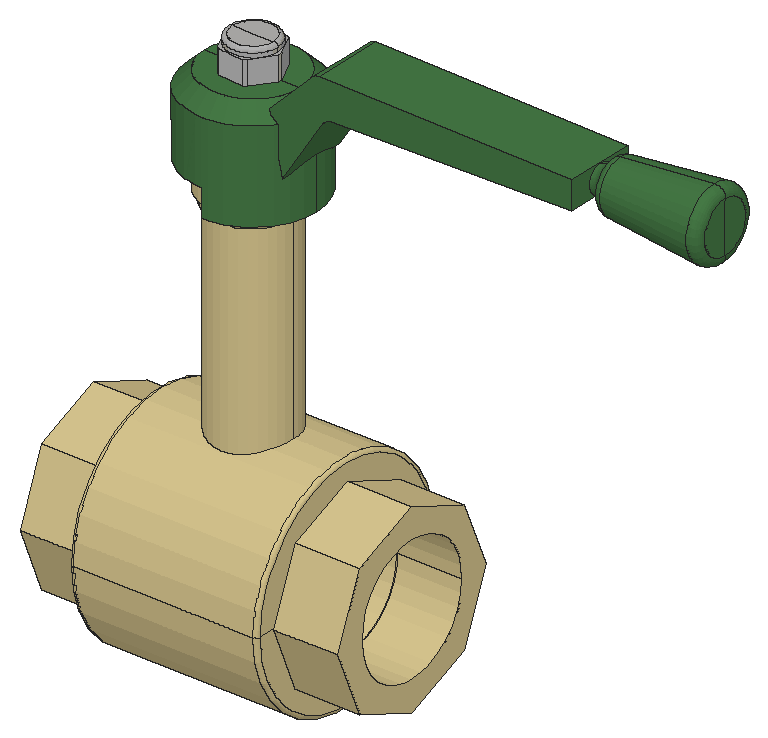
Revit family "QD24190000", category Apparecchi idraulici, Revit 2016
Family settings
  Tipo di parte = Normale
  Quota connettore circolare = Usa diametro
  Numero OmniClass = 23.45.00.00
  Titolo OmniClass = Sanitary, Laundry, and Cleaning Equipment
  Basato su piano di lavoro = No
  Sempre verticale = Sì
  Taglio con vuoti quando caricato = No
  Condiviso = No
  Punto di calcolo locali = No
Parameters
  URL = "https://web.cimberio.it/index.php/figura/1480?subcategoria_id=102"
  Produttore = "CIMBERIO SPA"
  DN Model [instance] = QD24191032 : QD24191032
  DN [instance] = 32 mm
Reference planes
  plane 1 "Centro (Fronte/Retro)": y = 0
  plane 2: z = 0
  plane 3 "Centro (Sinistra/Destra)": x = 0
Dimensions and locks
  aligned and locked: level to plane 2
Nested families
  nested 1: "QD24191032" at (0, 0, 0), type <- "DN Model", type "QD24191032"
    with DN 10 mm
  nested 2: "QD24191032" at (0, 0, 0), type <- "DN Model", type "QD24191032"
    with DN 10 mm
  nested 3: "QD24191032" at (0, 0, 0), type <- "DN Model", type "QD24191032"
    with DN 10 mm
  nested 4: "QD24191032" at (0, 0, 0), type <- "DN Model", type "QD24191032"
    with DN 10 mm
  nested 5: "QD24191032" at (0, 0, 0), type <- "DN Model", type "QD24191032"
    with DN 10 mm
  nested 6: "QD24191032" at (0, 0, 0), type <- "DN Model", type "QD24191032"
    with DN 10 mm
Connectors
  piping at (40.35, 0, 0), diameter 32, driven by "DN"
    settings: on nested 1, index 1, connector inside diameter 609.6 mm, connector length 0 mm, flow factor 0, pipe flow 0.0 L/s, pressure drop 0.0 Pa, fitting loss kfactor 0, connector angle 0.00°, fixture units 0, engagement length 0 mm, angle of deflection 0.00°, flow configuration 0, flow direction 0, fitting loss method 0, system type 7, joint type 0, gender type 0, connector reference index -1, connector utility 0, adjustable connector no, is connector primary yes, connector description ""
  piping at (-40.35, 0, 0), diameter 32, driven by "DN"
    settings: on nested 1, index 2, connector inside diameter 609.6 mm, connector length 0 mm, flow factor 0, pipe flow 0.0 L/s, pressure drop 0.0 Pa, fitting loss kfactor 0, connector angle 0.00°, fixture units 0, engagement length 0 mm, angle of deflection 0.00°, flow configuration 0, flow direction 0, fitting loss method 0, system type 7, joint type 0, gender type 0, connector reference index -1, connector utility 0, adjustable connector no, is connector primary no, connector description ""
Definition of nested family "QD24191032"
  Parameters (values of type "QD24191032")
    DN [instance] = 10 mm  # constant formula
  Reference planes
    plane 1 "Centro (Fronte/Retro)": y = 0
    plane 2: z = 0
    plane 3 "Centro (Sinistra/Destra)": x = 0
  Forms (mm)
    Revolve 1, solid
      sketch origin (0, 0, 0) x (1, 0, 0) y (0, 1, 0)
        loop
          arc (23.85, 27.5) -> (23.557, 28.207) -> (22.85, 28.5) r 1
          line (22.85, 28.5) -> (-22.85, 28.5)
          arc (-22.85, 28.5) -> (-23.557, 28.207) -> (-23.85, 27.5) r 1
          line (-23.85, 27.5) -> (-23.85, 16) -> (23.85, 16) -> (23.85, 27.5)
        axis (-23.85, 0) -> (23.85, 0)
      angle from 0 to 360
    Revolve 2, solid
      sketch origin (0, 0, 18.5) x (1, 0, 0) y (0, 0, 1)
        loop
          line (0, 69) -> (0, -1.967) -> (10.25, -1.967) -> (10.25, 60)
          arc (10.25, 60) -> (10.783, 60.251) -> (11, 60.798) r 0.8
          line (11, 60.798) -> (11, 69) -> (0, 69)
        axis (0, 69) -> (0, -1.967)
      angle from 0 to 360
    Extrusion 3, solid
      sketch origin (0, 0, 18.5) x (1, 0, 0) y (0, 0, 1)
        loop
          line (-16.001, 69) -> (-16.001, 63.767)
          arc (-16.001, 63.767) -> (-15.794, 63.159) -> (-15.26, 62.801) r 1
          line (-15.26, 62.801) -> (-9.887, 61.362) -> (-9.887, 69) -> (-16.001, 69)
      from 0 to 1.289
    Extrusion 4, solid
      sketch origin (0, 0, 47.05) x (1, 0, 0) y (0, 1, 0)
        loop
          line (5.202, 9.01) -> (-5.202, 9.01) -> (-10.404, 0) -> (-5.202, -9.01) -> (5.202, -9.01) -> (10.404, 0) -> (5.202, 9.01)
      from 40.45 to 48.35
    Extrusion 5, solid
      sketch origin (-11, 0, 0) x (0, 0, 1) y (0, 1, 0)
        loop
          circle (0, 0) r 16
        loop
          line (23.5, 0) -> (16.617, 16.617) -> (0, 23.5) -> (-16.617, 16.617) -> (-23.5, 0) -> (-16.617, -16.617) -> (0, -23.5) -> (16.617, -16.617) -> (23.5, 0)
      from 12.85 to 29.35
    Revolve 6, solid
      sketch origin (0, 0, 0) x (1, 0, 0) y (0, 0, 1)
        loop
          line (0, 109) -> (-12.25, 109) -> (-16.25, 105) -> (-16.171, 82) -> (0, 82) -> (0, 109)
        axis (0, 109) -> (0, 82)
      angle from 0 to 360
    Extrusion 7, solid
      sketch origin (0, 0, 0) x (1, 0, 0) y (0, 0, 1)
        loop
          line (11.393, 107.893) -> (14.666, 93.047) -> (25.275, 109.383)
          arc (25.275, 109.383) -> (26.161, 110.209) -> (27.331, 110.521) r 2.5
          line (27.331, 110.521) -> (88.127, 111.5) -> (88.127, 118.5) -> (24.058, 119.484)
          arc (24.058, 119.484) -> (22.936, 119.24) -> (22.032, 118.532) r 2.573
          line (22.032, 118.532) -> (11.393, 107.893)
      from -9.01 to 9.01
    Revolve 8, solid
      sketch origin (0, 0, 0) x (1, 0, 0) y (0, 0, 1)
        loop
          line (5.25, 117) -> (0, 117) -> (0, 115) -> (6.25, 115) -> (6.25, 116)
          arc (6.25, 116) -> (5.957, 116.707) -> (5.25, 117) r 1
        axis (0, 117) -> (0, 115)
      angle from 0 to 360
    Revolve 9, solid
      sketch origin (0, 0, 0) x (1, 0, 0) y (0, 0, 1)
        loop
          line (88.127, 115) -> (120, 115) -> (120, 121.527)
          arc (120, 121.527) -> (119.173, 123.37) -> (117.254, 124) r 2.5
          line (117.254, 124) -> (93.442, 121.643)
          arc (93.442, 121.643) -> (92.263, 121.237) -> (91.467, 120.276) r 2.305
          arc (91.467, 120.276) -> (90.021, 118.967) -> (88.127, 118.5) r 3.99
          line (88.127, 118.5) -> (88.127, 115)
        axis (88.127, 115) -> (120, 115)
      angle from 0 to 360
    Extrusion 10, solid
      sketch origin (0, 0, 28.55) x (1, 0, 0) y (0, 1, 0)
        loop
          line (-2.825, 6.677) -> (-3.663, 6.257) -> (-7.195, 0.892) -> (-7.25, -0.044) -> (-4.37, -5.785) -> (-3.587, -6.301) -> (2.825, -6.677) -> (3.663, -6.257) -> (7.195, -0.892) -> (7.25, 0.044) -> (4.37, 5.785) -> (3.587, 6.301) -> (-2.825, 6.677)
      from 80.45 to 86.45
    Extrusion 11, void
      sketch origin (0, 0, 28.55) x (1, 0, 0) y (0, 1, 0)
        loop
          line (-12.25, 0) -> (-17.25, 0)
          arc (-17.25, 0) -> (-12.198, -12.198) -> (0, -17.25) r 17.25
          line (0, -17.25) -> (0, -12.25)
          arc (0, -12.25) -> (-8.662, -8.662) -> (-12.25, 0) r 12.25
      from 52.097 to 60.45
    Extrusion 12, solid
      sketch origin (11, 0, 0) x (0, 0, 1) y (0, -1, 0)
        loop
          circle (0, 0) r 16
        loop
          line (23.5, 0) -> (16.617, 16.617) -> (0, 23.5) -> (-16.617, 16.617) -> (-23.5, 0) -> (-16.617, -16.617) -> (0, -23.5) -> (16.617, -16.617) -> (23.5, 0)
      from 12.85 to 29.35
  Cuts and joins
    Extrusion 11 cuts Revolve 6
  Dimensions and locks
    aligned and locked: level to plane 2
